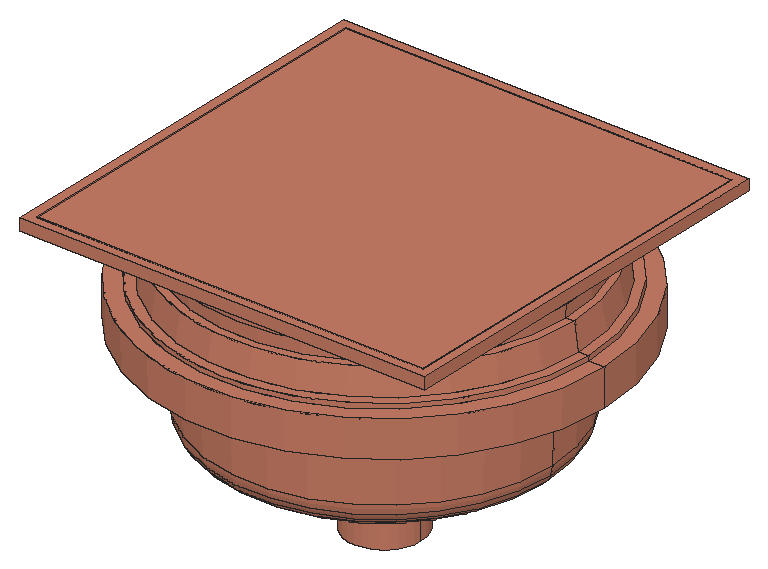
Revit family
Parameters (values of type "1450-02")
  Weight (lb) = 32.95
  Warranty = "1 year material and workmanship"  # constant formula
  URL = "http://www.jrsmith.com"
  Threaded = yes
  Technical and Installation = "http://www.jrsmith.com/products/roof/tech_data_index.htm"
  SmartBIM Object Version = 3  # constant formula
  SmartBIM Object Created By = "Reed Construction Data"  # constant formula
  Push On = yes
  Product URL = "http://www.jrsmith.com/products/roof/submittal/d1450.pdf"
  Pipe Radius = Pipe Diameter / 2  # 1"
  Pipe Diameter = 2"
  OmniClass Title = "Roof Drains"  # constant formula
  OmniClass Code = "22-22 14 26 13"  # constant formula
  No Hub = yes
  Model = "1450"  # constant formula
  Material Finish = Cast Iron
  Material = Duco Coated
  Manufacturer = "Jay R. Smith Mfg. Co. "  # constant formula
  Free Area (in²) = "31"
  Description = "Duco cast iron body and flashing clamp with seepage openings and secured square hole light duty grate"  # constant formula
  Default Elevation = 0"
  Connection Type = ""
  Caulk = yes
  Assembly Code = "D2040200"
  95 CSI = "15165"  # constant formula
  04 CSI = "22 14 35"  # constant formula
Types (6): name | Weight (lb) | Pipe Radius | Pipe Diameter
  (no name) | 32.95 | 1" | 2"
  1450-02 | 32.95 | 1" | 2"
  1450-04 | 32.34 | 2" | 4"
  1450-03 | 30.31 | 1 1/2" | 3"
  1450-05 | 31.26 | 2 1/2" | 5"
  1450-06 | 31 | 3" | 6"
Reference planes (in)
  plane 1 "Center (Front/Back)": y = 0
  plane 2: z = 0
  plane 3 "Center (Left/Right)": x = -0.54782
  plane 4: x = -1.54782
  plane 5: x = 0.45218
  plane 6: x = -6.54782
  plane 7: x = 5.45218
  plane 8: y = 5.99078
  plane 9: y = -5.99078
  plane 10: z = 3
  plane 11: z = 1
  plane 12: z = -5
Forms (in)
  Revolve 1, solid, material "Cast Iron" <- "Material Finish"
    sketch origin (0, 0, -0.30812) x (1, 0, 0) y (0, 0, 1)
      loop
        line (0.21077, -4.69188) -> (0.45218, -4.69188) -> (0.45218, -2.61244)
        arc (0.45218, -2.61244) -> (0.49728, -2.56832) -> (0.55828, -2.55221) r 0.12356
        line (0.55828, -2.55221) -> (3.06716, -2.55221)
        arc (3.06716, -2.55221) -> (3.15539, -2.52501) -> (3.22541, -2.46483) r 0.22628
        arc (3.22541, -2.46483) -> (3.26279, -2.39182) -> (3.27168, -2.31029) r 0.22628
        arc (3.27168, -2.31029) -> (3.41891, -2.29596) -> (3.56063, -2.25352) r 0.76384
        arc (3.56063, -2.25352) -> (3.71145, -2.17099) -> (3.83998, -2.05682) r 0.76384
        arc (3.83998, -2.05682) -> (3.91286, -1.96157) -> (3.96994, -1.85609) r 0.76384
        arc (3.96994, -1.85609) -> (4.01311, -1.73008) -> (4.03374, -1.59848) r 0.76384
        line (4.03374, -1.59848) -> (4.08503, -0.11384)
        arc (4.08503, -0.11384) -> (4.11305, -0.03912) -> (4.18057, 0.00342) r 0.125
        line (4.18057, 0.00342) -> (5.44844, 0.31017) -> (5.45218, 1.30812) -> (5.01736, 1.30812) -> (5.01681, 1.43516) -> (4.75328, 1.43516) -> (4.63142, 2.13148) -> (4.39771, 2.13148) -> (4.41094, 2.52237) -> (4.25709, 2.52237) -> (4.18436, 0.23151) -> (3.55958, 0.07028)
        arc (3.55958, 0.07028) -> (3.492, 0.0258) -> (3.46582, -0.05075) r 0.125
        line (3.46582, -0.05075) -> (3.46582, -1.88871)
        arc (3.46582, -1.88871) -> (3.45804, -1.93212) -> (3.43566, -1.97012) r 0.125
        arc (3.43566, -1.97012) -> (3.39301, -2.00229) -> (3.34082, -2.01371) r 0.125
        line (3.34082, -2.01371) -> (2.96302, -2.01371) -> (2.96302, -2.18675)
        arc (2.96302, -2.18675) -> (2.94685, -2.2481) -> (2.90256, -2.29353) r 0.12452
        arc (2.90256, -2.29353) -> (2.87173, -2.30676) -> (2.8385, -2.31127) r 0.12452
        line (2.8385, -2.31127) -> (0.47858, -2.31127)
        arc (0.47858, -2.31127) -> (0.3695, -2.33415) -> (0.2788, -2.39893) r 0.27147
        arc (0.2788, -2.39893) -> (0.23462, -2.46367) -> (0.21077, -2.53833) r 0.27147
        line (0.21077, -2.53833) -> (0.21077, -4.69188)
      axis (-0.54782, 2.52237) -> (-0.54782, -4.69188)
    angle from 0 to 360
  Extrusion 2, solid, material "Cast Iron" <- "Material Finish"
    sketch origin (5.71756, 0, 3.16328) x (-1, 0, 0) y (0, -1, 0)
      loop
        line (11.76537, -5.5) -> (11.76537, 5.5) -> (0.76537, 5.5) -> (0.76537, -5.5) -> (11.76537, -5.5)
      loop
        line (1.01537, -5.25) -> (11.51537, -5.25) -> (11.51537, 5.25) -> (1.01537, 5.25) -> (1.01537, -5.25)
    from -0.47266 to -0.16328
  Extrusion 3, solid, material "Duco Coated" <- "Material"
    sketch origin (5.71756, 0, 4.16328) x (-1, 0, 0) y (0, -1, 0)
      loop
        line (11.51537, -5.25) -> (11.51537, 5.25) -> (1.01537, 5.25) -> (1.01537, -5.25) -> (11.51537, -5.25)
    from -1.16328 to -1.47266
  Revolve 4, solid, material "Duco Coated" <- "Material"
    sketch origin (0, 0, 0.69188) x (1, 0, 0) y (0, 0, 1)
      loop
        line (4.47992, 1.99875) -> (4.11204, 1.99875) -> (4.11204, 1.68342) -> (4.00736, 1.68342) -> (3.95713, 0.19944) -> (4.21715, 0.26444) -> (4.25709, 1.52237) -> (4.47992, 1.52237) -> (4.47992, 1.99875)
      axis (-0.54782, 1.99875) -> (-0.54782, 0.19944)
    angle from 0 to 360
Lines and regions (in)
  symbolic lines
    curve 1: line (-4.54782, 5.5, 2.4714) -> (3.45218, 5.5, 2.4714)
    curve 2: line (-4.54782, -5.5, 2.4714) -> (-4.54782, 5.5, 2.4714)
    curve 3: line (3.45218, -5.5, 2.4714) -> (-4.54782, -5.5, 2.4714)
    curve 4: line (3.45218, 5.5, 2.4714) -> (3.45218, -5.5, 2.4714)
    curve 5: line (-4.29782, 5.25, 2.4714) -> (3.20218, 5.25, 2.4714)
    curve 6: line (-4.29782, -5.25, 2.4714) -> (-4.29782, 5.25, 2.4714)
    curve 7: line (3.20218, -5.25, 2.4714) -> (-4.29782, -5.25, 2.4714)
    curve 8: line (3.20218, 5.25, 2.4714) -> (3.20218, -5.25, 2.4714)
Dimensions and locks (in)
  equal spacing: plane 5, plane 3 "Center (Left/Right)", plane 4
  "Pipe Diameter": plane 5 to plane 4
  locked: Revolve 1 sketch curve to Revolve 1 sketch curve at 0.24142
  locked: Revolve 1 sketch curve to Revolve 1 sketch curve at 4.01363
  locked: plane 6 to Extrusion 2 at 0.5
  locked: Extrusion 2 to plane 7 at 0.5
  locked: plane 9 to Extrusion 3 at 0.74078
  locked: plane 8 to Extrusion 3 at 0.74078
  locked: Revolve 4 sketch curve to Revolve 4 sketch curve at 4.55518
  plane 10 to plane 11 = 2"
  plane 11 to plane 12 = 6"
  aligned and locked: Extrusion 2 to Extrusion 3 sketch curve  (x3)
  aligned and locked: Extrusion 3 sketch curve to Extrusion 2
  aligned and locked: Revolve 4 to Revolve 1
  aligned and locked: Revolve 4 to Extrusion 2
  aligned and locked: plane 10 to Extrusion 2
  aligned and locked: plane 10 to Extrusion 3
  aligned and locked: Extrusion 2 to Extrusion 3
  aligned and locked: plane 11 to Revolve 1
  aligned and locked: plane 12 to Revolve 1
Automatic sketch dimensions
  curve 1 to plane 8 = 0.49078"
  curve 1 to plane 7 = 2"
  curve 3 to curve 7 = 1/4"
  curve 5 to plane 8 = 0.74078"
  curve 5 to plane 6 = 2 1/4"
  curve 5 to curve 2 = 1/4"
  curve 7 to plane 9 = 0.74078"
  curve 7 to curve 3 = 1/4"
  Revolve 1 sketch curve to Revolve 1 sketch curve = 0"  (x20)
  Revolve 1 sketch curve to plane 3 "Center (Left/Right)" = 0"
  Revolve 1 sketch curve to plane 5 = 0"
  level to Revolve 1 sketch curve = 1"
  Revolve 1 sketch curve to plane 7 = 0"
  Revolve 1 sketch curve to Revolve 1 sketch curve = 0.06804"
  plane 5 to Revolve 1 sketch curve = 0.02639"
  Revolve 1 sketch curve to Revolve 1 sketch curve = 0.07971"
  Revolve 1 sketch curve to Revolve 1 sketch curve = 0.62732"
  Revolve 1 sketch curve to Revolve 1 sketch curve = 0.06406"
  Revolve 1 sketch curve to Revolve 1 sketch curve = 0.06046"
  Revolve 1 sketch curve to Revolve 1 sketch curve = 0.14346"
  Revolve 1 sketch curve to Revolve 1 sketch curve = 0.02114"
  Revolve 1 sketch curve to Revolve 1 sketch curve = 0.15826"
  Revolve 1 sketch curve to Revolve 1 sketch curve = 0.19414"
  Revolve 1 sketch curve to Revolve 1 sketch curve = 1/8"  (x2)
  Revolve 1 sketch curve to Revolve 1 sketch curve = 0.03015"
  Revolve 1 sketch curve to Revolve 1 sketch curve = 3/32"
  Revolve 1 sketch curve to Revolve 1 sketch curve = 0.28895"
  Revolve 1 sketch curve to Revolve 1 sketch curve = 0.27936"
  Revolve 1 sketch curve to Revolve 1 sketch curve = 0.12995"
  Revolve 1 sketch curve to Revolve 1 sketch curve = 0.0638"
  Revolve 1 sketch curve to Revolve 1 sketch curve = 0.49422"
  Revolve 1 sketch curve to Revolve 1 sketch curve = 0.09553"
  Revolve 1 sketch curve to Revolve 1 sketch curve = 0.00379"
  Revolve 1 sketch curve to Revolve 1 sketch curve = 0.02939"
  Revolve 1 sketch curve to plane 7 = 1.19509"
  Revolve 1 sketch curve to Revolve 1 sketch curve = 9/64"
  Revolve 1 sketch curve to Revolve 1 sketch curve = 0.15385"
  Revolve 1 sketch curve to Revolve 1 sketch curve = 0.23371"
  level to Revolve 1 sketch curve = 1.12704"
  Revolve 1 sketch curve to plane 7 = 0.6989"
  Revolve 1 sketch curve to Revolve 1 sketch curve = 0.26353"
  Revolve 1 sketch curve to Revolve 1 sketch curve = 0.00055"
  Revolve 1 sketch curve to plane 7 = 0.00375"
  level to Revolve 1 sketch curve = 0.00205"
  Revolve 1 sketch curve to level = 0.07661"
  Revolve 1 sketch curve to Revolve 1 sketch curve = 0.16123"
  Revolve 1 sketch curve to Revolve 1 sketch curve = 0.22809"
  Revolve 1 sketch curve to Revolve 1 sketch curve = 0.11727"
  Revolve 1 sketch curve to Revolve 1 sketch curve = 1.4957"
  Revolve 1 sketch curve to Revolve 1 sketch curve = 0.05203"
  Revolve 1 sketch curve to Revolve 1 sketch curve = 0.36482"
  Revolve 1 sketch curve to Revolve 1 sketch curve = 0.17304"
  Revolve 1 sketch curve to Revolve 1 sketch curve = 0.03339"
  Revolve 1 sketch curve to Revolve 1 sketch curve = 0.08766"
  Revolve 1 sketch curve to Revolve 1 sketch curve = 0.0297"
  Revolve 1 sketch curve to Revolve 1 sketch curve = 2.0161"
  Revolve 1 sketch curve to Revolve 1 sketch curve = 41.96368"
  Revolve 1 sketch curve to Revolve 1 sketch curve = 0.69632"
  Revolve 1 sketch curve to Revolve 1 sketch curve = 0.39089"
  Revolve 1 sketch curve to Revolve 1 sketch curve = 92.54267"
  Extrusion 2 sketch curve to plane 7 = 1/2"
  Extrusion 2 sketch curve to Extrusion 2 sketch curve = 1/4"  (x4)
  Extrusion 2 sketch curve to plane 6 = 3/4"
  Extrusion 2 sketch curve to plane 8 = 0.49078"
  Extrusion 2 sketch curve to plane 9 = 0.74078"
  Revolve 4 sketch curve to plane 3 "Center (Left/Right)" = 0"
  Revolve 4 sketch curve to Revolve 4 sketch curve = 0.05024"
  Revolve 4 sketch curve to Revolve 4 sketch curve = 0.10468"
  Revolve 4 sketch curve to Revolve 4 sketch curve = 0.26002"
  Revolve 4 sketch curve to Revolve 4 sketch curve = 0.14505"
  Revolve 4 sketch curve to Revolve 4 sketch curve = 0.36788"
  Revolve 4 sketch curve to level = 45.96368"
  level to Revolve 4 sketch curve = 0.89132"
  Revolve 4 sketch curve to Revolve 4 sketch curve = 0.065"
  Revolve 4 sketch curve to Revolve 4 sketch curve = 1.25793"
  Revolve 4 sketch curve to Revolve 4 sketch curve = 0.16105"
  Revolve 4 sketch curve to Revolve 4 sketch curve = 0.47638"
  Revolve 4 sketch curve to Revolve 4 sketch curve = 93.06629"
Connectors (in)
  piping at (-0.54782, 0, -5), driven by "Pipe Radius"
    settings: on Revolve 1, index 2
